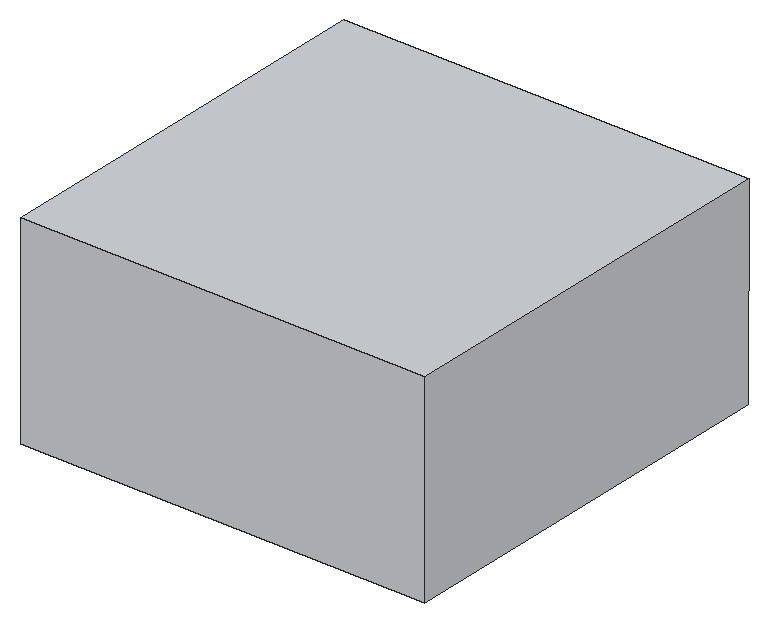
Revit family "Junction Box with Isolated Ground Outlet", category Electrical Fixtures, host Face, Revit 2025
Family settings
  Host = Face
  Round Connector Dimension = Use Diameter
  Part Type = Junction Box
  Cut with Voids When Loaded = No
  Maintain Annotation Orientation = Yes
  Shared = No
  Room Calculation Point = No
Parameters (values of type "Wall Mounted")
  Width = 3"
  Wall Mounted = not(Face Mounted)  # yes
  Symbol Distance [instance] = 0"
  Height = 3"
  Face Mounted = no
  Depth - Top = Depth * 2 / 3  # 1"
  Depth - Back = Depth * 1 / 3  # 1/2"
  Depth = 1 1/2"
  Default Elevation = 48"
Types (2): name | Wall Mounted | Face Mounted
  Face Mounted | no | yes
  Wall Mounted | yes | no
Reference planes (in)
  plane 1 "Center (Front/Back)": y = 0
  plane 2: z = 0
  plane 3 "Center (Left/Right)": x = 0
  plane 4: z = 1
  plane 5 "base": z = -0.5
Forms (in)
  Extrusion 1, solid, detail levels medium+fine
    sketch origin (0, 0, -0.5) x (-1, 0, 0) y (0, -1, 0)
      loop
        line (1.5, -1.5) -> (1.5, 1.5) -> (-1.5, 1.5) -> (-1.5, -1.5) -> (1.5, -1.5)
    from 0 to 1.5
Dimensions and locks (in)
  equal spacing: Extrusion 1 sketch curve, plane 3 "Center (Left/Right)", Extrusion 1 sketch curve
  "Width": Extrusion 1 sketch curve to Extrusion 1 sketch curve
  "Height": Extrusion 1 sketch curve to Extrusion 1 sketch curve
  equal spacing: Extrusion 1 sketch curve, plane 1 "Center (Front/Back)", Extrusion 1 sketch curve
  "Depth - Back": plane 2 to plane 5 "base"
  "Depth - Top": plane 4 to plane 2
  aligned and locked: plane 2 to host face
  aligned and locked: level to host face
  aligned and locked: plane 4 to Extrusion 1
Automatic sketch dimensions
  host sketch curve to host sketch curve = 96"  (x2)
Nested families (in)
  nested 1: "Face Mounted" at (0, 0, 0), visible <- "Face Mounted", type "Standard"
  nested 2: "Wall Mounted" at (0, 0, 0), visible <- "Wall Mounted", type "Standard"
Connectors (in)
  electrical at (0, 0, 1)
    settings: on Extrusion 1, index 1, voltage 0 V, apparent load 0 VA, apparent load phase1 0 VA, apparent load phase2 0 VA, apparent load phase3 0 VA, power factor 1, load classification "Other", number of poles 1, system type 31, power factor state 1, is connector primary yes, connector utility no, sub classification motor no, connector description ""
Definition of nested family "Face Mounted"
  Reference planes (in)
    plane 1: y = 0
    plane 2: x = 0
  Lines and regions (in)
    Filled region 1, type "Solid Black"
      outline origin (-0.02462, 0.02136, 0) x (1, 0, 0) y (0, 1, 0)
        loop
          line (0.02462, -0.14636) -> (0.13287, 0.04114) -> (-0.08364, 0.04114) -> (0.02462, -0.14636)
    detail lines
      curve 1: circle (0, 0, 0) r 0.125 normal (0, 0, 1)
Definition of nested family "Wall Mounted"
  Parameters (values of type "Standard")
    Symbol Distance = 0"
  Reference planes (in)
    plane 1: y = 0
    plane 2: x = 0
  Lines and regions (in)
    Filled region 1, type "Solid Black"
      outline origin (0, 0, 0) x (1, 0, 0) y (0, 1, 0)
        loop
          line (0, 0) -> (0.10825, 0.1875) -> (-0.10825, 0.1875) -> (0, 0)
    Filled region 2, type "Solid Black", not visible
      outline origin (0, 0, 0) x (1, 0, 0) y (0, 1, 0)
        loop
          line (0, 0) -> (0.10825, 0.1875) -> (-0.10825, 0.1875) -> (0, 0)
    detail lines
      curve 1: circle (0, 0.125, 0) r 0.125 normal (0, 0, 1)
    reference lines
      curve 2: line (-0.15017, 0, 0) -> (0.17734, 0, 0)
    detail lines, not visible
      curve 3: circle (0, 0.125, 0) r 0.125 normal (0, 0, 1)
    reference lines, not visible
      curve 4: line (-0.15017, 0, 0) -> (0.17734, 0, 0)
  Dimensions and locks (in)
    "Symbol Distance": plane 1 to curve 2
  Automatic sketch dimensions
    Filled region 1 sketch curve to Filled region 1 sketch curve = 0.10825"  (x2)
    Filled region 1 sketch curve to Filled region 1 sketch curve = 3/16"
    Filled region 2 sketch curve to Filled region 2 sketch curve = 0.10825"  (x2)
    Filled region 2 sketch curve to Filled region 2 sketch curve = 3/16"
